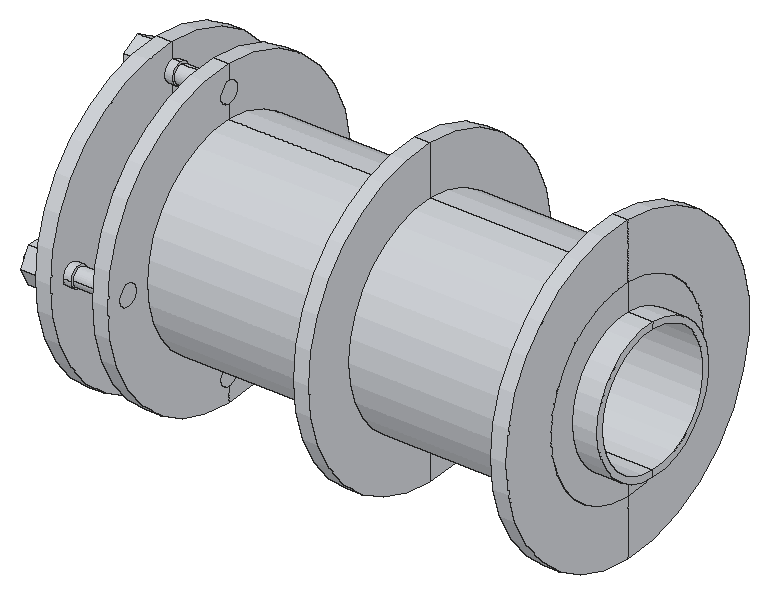
Revit family "柔性防水套管（B型）", category 常规模型, Revit 2016
Family settings
  零件类型 = 标准
  可将钢筋附着到主体 = 否
  圆形连接件大小 = 使用直径
  基于工作平面 = 否
  总是垂直 = 是
  加载时剪切的空心 = 否
  共享 = 否
  房间计算点 = 否
Parameters (values of type "密封圈Ⅰ型")
  钢管左边长 [instance] = 235 mm
  钢管右边长 [instance] = 182 mm
  钢管厚 [instance] = 5 mm
  钢管 = none
  Description = ""
  螺母 = none
  螺栓数量 [instance] = 4
  螺柱半径 [instance] = 8 mm
  螺柱 = none
  Type Comments = ""
  法兰套管厚 [instance] = 5 mm
  法兰套管厚+5 [instance] = 法兰套管厚 + 4.5 mm  # 9.5 mm
  法兰套管 = none
  法兰压盖长 [instance] = L1 - 11 mm  # 65 mm
  法兰压盖 = none
  柔性填缝材料 = none
  密封膏嵌缝 = none
  密封圈Ⅱ型 [instance] = no
  密封圈Ⅰ型 [instance] = yes
  密封圈 Ⅱ型 = none
  密封圈 Ⅰ型 = none
  墙厚 [instance] = 300 mm
  δ3 [instance] = 10 mm
  URL = ""
  L2 [instance] = 38 mm
  L1 [instance] = 76 mm
  L0 [instance] = 42 mm
  D5 [instance] = 240 mm
  D4-1/2 [instance] = D4 / 2  # 100 mm
  D4 [instance] = 200 mm
  D3 [instance] = 120 mm
  D2 [instance] = 162 mm
  D1 [instance] = 110 mm
  1/4L0 [instance] = L0 / 4  # 10.5 mm
  1/2L0 [instance] = L0 / 2  # 21 mm
Types (3, lengths in mm): name | 密封圈Ⅱ型 | 密封圈Ⅰ型
  (no name) | no | yes
  密封圈Ⅱ型 | yes | no
  密封圈Ⅰ型 | no | yes
Reference planes
  plane 1 "中心(前/后)": y = 0
  plane 2: z = 0
  plane 3 "中心(左/右)": x = 0
  plane 4: x = -150
  plane 5: x = 150
  plane 6: z = 81
  plane 7: z = -81
  plane 8: z = 55
  plane 9: z = -55
  plane 10: z = 120
  plane 11: z = -120
  plane 12: x = -145
  plane 13: x = -103
  plane 14: x = -124
  plane 15: x = -124
  plane 16: x = -103
  plane 17: x = -145
  plane 18: x = -124
  plane 19: x = -145
  plane 20: x = -103
  plane 21: x = -124
  plane 22: x = -145
  plane 23: x = -103
  plane 24: z = -60
  plane 25: z = 60
  plane 26: z = 60
  plane 27: z = -60
  plane 28: z = -70
  plane 29: z = 100
  plane 30: z = -100
  plane 31: x = -153
  plane 32: x = -229
  plane 33: x = -191
Forms (mm)
  Revolve 1, solid, material <- "法兰套管"
    sketch origin (0, 0, 0) x (1, 0, 0) y (0, 0, 1)
      loop
        line (-160, -76) -> (-160, -81) -> (-6, -81) -> (-6, -120) -> (6, -120) -> (6, -81) -> (155, -81) -> (155, -76) -> (122, -76) -> (122, -55) -> (112, -55) -> (112, -76) -> (-93, -76) -> (-93, -55) -> (-103, -55) -> (-103, -76) -> (-160, -76)
      axis (-160, 0) -> (155, 0)
    angle from 0 to 360
  Revolve 2, solid, material <- "钢管"
    sketch origin (0, 0, 0) x (1, 0, 0) y (0, 0, 1)
      loop
        line (182, -55) -> (182, -50) -> (-235, -50) -> (-235, -55) -> (182, -55)
      axis (-235, 0) -> (182, 0)
    angle from 0 to 360
  Revolve 3, solid, material <- "法兰压盖"
    sketch origin (0, 0, 0) x (1, 0, 0) y (0, 0, 1)
      loop
        line (-145, -70) -> (-145, -60) -> (-210, -60) -> (-210, -70) -> (-145, -70)
      axis (-210, 0) -> (-145, 0)
    angle from 0 to 360
  Revolve 4, solid, material <- "法兰套管"
    sketch origin (0, 0, 0) x (1, 0, 0) y (0, 0, 1)
      loop
        line (150, -81) -> (150, -120) -> (162, -120) -> (162, -76) -> (155, -76) -> (155, -81) -> (150, -81)
      axis (150, 0) -> (162, 0)
    angle from 0 to 360
  Revolve 5, solid, material <- "密封圈 Ⅰ型", visible <- "密封圈Ⅰ型"
    sketch origin (0, 0, 0) x (1, 0, 0) y (0, 0, 1)
      loop
        circle (-134.5, -64.766) r 10.5
      axis (-145, 0) -> (-124, 0)
    angle from 0 to 360
  Revolve 6, solid, material <- "密封圈 Ⅰ型", visible <- "密封圈Ⅰ型"
    sketch origin (0, 0, 0) x (1, 0, 0) y (0, 0, 1)
      loop
        circle (-113.5, -64.766) r 10.5
      axis (-124, 0) -> (-103, 0)
    angle from 0 to 360
  Revolve 7, solid, material <- "密封圈 Ⅱ型", visible <- "密封圈Ⅱ型"
    sketch origin (0, 0, 0) x (1, 0, 0) y (0, 0, 1)
      loop
        line (-145, -69.995) -> (-145, -76) -> (-103, -76) -> (-103, -71.372) -> (-131.456, -55) -> (-140.424, -55) -> (-140.424, -59.274) -> (-145, -69.995)
      axis (-145, 0) -> (-103, 0)
    angle from 0 to 360
  Revolve 8, solid, material <- "法兰套管"
    sketch origin (0, 0, 0) x (1, 0, 0) y (0, 0, 1)
      loop
        line (-103, -71.5) -> (-103, -55) -> (-131.456, -55) -> (-103, -71.5)
      axis (-131.456, 0) -> (-103, 0)
    angle from 0 to 360
  Revolve 9, solid, material <- "法兰套管"
    sketch origin (0, 0, 0) x (1, 0, 0) y (0, 0, 1)
      loop
        line (-165, -70) -> (-165, -120) -> (-153, -120) -> (-153, -81) -> (-160, -81) -> (-160, -70) -> (-165, -70)
      loop
        line (-198, -70) -> (-210, -70) -> (-210, -120) -> (-198, -120) -> (-198, -70)
      axis (-210, 0) -> (-153, 0)
    angle from 0 to 360
  Revolve 10, solid, material <- "密封膏嵌缝"
    sketch origin (0, 0, 0) x (1, 0, 0) y (0, 0, 1)
      loop
        line (142, -55) -> (142, -76) -> (162, -76) -> (162, -55) -> (142, -55)
      axis (142, 0) -> (162, 0)
    angle from 0 to 360
  Revolve 11, solid, material <- "柔性填缝材料"
    sketch origin (0, 0, 0) x (1, 0, 0) y (0, 0, 1)
      loop
        line (122, -55) -> (122, -76) -> (142, -76) -> (142, -55) -> (122, -55)
      axis (122, 0) -> (142, 0)
    angle from 0 to 360
Dimensions and locks
  equal spacing: plane 5, plane 3 "中心(左/右)", plane 4
  "墙厚": plane 5 to plane 4
  plane 4 to Revolve 1 sketch curve = 10 mm
  locked: plane 5 to Revolve 1 sketch curve at 5
  equal spacing: plane 6, level, plane 7
  "D2": plane 6 to plane 7
  "法兰套管厚": Revolve 1 sketch curve to Revolve 1 sketch curve
  equal spacing: plane 8, level, plane 9
  "D1": plane 8 to plane 9
  "钢管厚": Revolve 2 sketch curve to Revolve 2 sketch curve
  "钢管右边长": Revolve 2 sketch curve to plane 3 "中心(左/右)"
  "钢管左边长": plane 3 "中心(左/右)" to Revolve 2 sketch curve
  locked: Revolve 3 sketch curve to plane 4 at 5
  "法兰压盖长": Revolve 3 sketch curve to Revolve 3 sketch curve
  equal spacing: plane 10, level, plane 11
  "D5": plane 10 to plane 11
  locked: plane 14 to plane 4 at 26
  equal spacing: plane 12, plane 14, plane 13
  "L0": plane 12 to plane 13
  "1/4L0": plane 14 to Revolve 5 sketch curve
  locked: plane 15 to plane 4 at 26
  equal spacing: plane 16, plane 15, plane 17
  "L0": plane 16 to plane 17
  "1/4L0": Revolve 6 sketch curve to plane 15
  equal spacing: plane 19, plane 18, plane 20
  "L0": plane 19 to plane 20
  "法兰套管厚": Revolve 7 sketch curve to plane 7
  locked: Revolve 7 sketch curve to Revolve 7 sketch curve at 8.968
  equal spacing: plane 22, plane 21, plane 23
  "L0": plane 23 to plane 22
  locked: Revolve 7 sketch curve to Revolve 7 sketch curve at 4.628
  "法兰套管厚+5": Revolve 8 sketch curve to plane 7
  equal spacing: plane 25, Revolve 3 sketch curve, plane 24
  "D3": plane 25 to plane 24
  "δ3": Revolve 3 sketch curve to Revolve 3 sketch curve
  locked: Revolve 9 sketch curve to Revolve 9 sketch curve at 5
  equal spacing: plane 26, level, plane 27
  "D3": plane 26 to plane 27
  "δ3": plane 27 to plane 28
  equal spacing: plane 29, level, plane 30
  "D4": plane 29 to plane 30
  locked: plane 4 to plane 31 at 3
  "L1": plane 31 to plane 32
  "L2": plane 33 to plane 32
  locked: Revolve 9 sketch curve to Revolve 9 sketch curve at 12
  "法兰套管厚": Revolve 10 sketch curve to plane 7
  locked: Revolve 10 sketch curve to Revolve 10 sketch curve at 20
  "法兰套管厚": Revolve 4 sketch curve to plane 7
  locked: Revolve 4 sketch curve to Revolve 4 sketch curve at 12
  "法兰套管厚": Revolve 11 sketch curve to plane 7
  locked: Revolve 11 sketch curve to Revolve 11 sketch curve at 20
  "1/4L0": radius of Revolve 5 sketch curve
  "1/4L0": radius of Revolve 6 sketch curve
  aligned and locked: level to plane 2
  aligned and locked: Revolve 1 sketch curve to level
  aligned and locked: Revolve 1 sketch curve to plane 7
  aligned and locked: plane 9 to Revolve 2 sketch curve
  aligned and locked: Revolve 2 sketch curve to level
  aligned and locked: Revolve 1 sketch curve to plane 11
  aligned and locked: plane 7 to Revolve 4 sketch curve
  aligned and locked: plane 5 to Revolve 4 sketch curve
  aligned and locked: Revolve 4 sketch curve to level
  aligned and locked: plane 9 to Revolve 1 sketch curve
  aligned and locked: Revolve 5 sketch curve to level
  aligned and locked: Revolve 6 sketch curve to level
  aligned and locked: plane 9 to Revolve 7 sketch curve
  aligned and locked: Revolve 7 sketch curve to plane 19
  aligned and locked: Revolve 7 sketch curve to plane 20
  aligned and locked: Revolve 7 sketch curve to level
  aligned and locked: Revolve 8 sketch curve to plane 23
  aligned and locked: Revolve 8 sketch curve to level
  aligned and locked: Revolve 7 to Revolve 8 sketch curve
  aligned and locked: Revolve 3 sketch curve to plane 24
  aligned and locked: plane 11 to Revolve 9 sketch curve  (x2)
  aligned and locked: Revolve 9 sketch curve to level
  aligned and locked: Revolve 9 sketch curve to plane 28  (x2)
  aligned and locked: Revolve 9 sketch curve to Revolve 3
  aligned and locked: plane 31 to Revolve 9 sketch curve
  aligned and locked: nested 1 to plane 1 "中心(前/后)"
  aligned and locked: level to nested 1
  aligned and locked: Revolve 10 sketch curve to plane 9
  aligned and locked: Revolve 10 sketch curve to Revolve 4
  aligned and locked: Revolve 10 sketch curve to level
  aligned and locked: Revolve 4 sketch curve to Revolve 1
  aligned and locked: Revolve 4 to Revolve 10
  aligned and locked: Revolve 11 sketch curve to plane 9
  aligned and locked: Revolve 11 sketch curve to Revolve 10
  aligned and locked: Revolve 11 sketch curve to level
  aligned and locked: Revolve 1 sketch curve to Revolve 1 sketch curve  (x2)
Automatic sketch dimensions
  Revolve 9 sketch curve to Revolve 9 sketch curve = 1186.99 mm
  Revolve 9 sketch curve to plane 5 = 1748.983 mm
  Revolve 9 sketch curve to plane 7 = 0 mm
  Revolve 9 sketch curve to Revolve 9 sketch curve = 12 mm
  Revolve 1 sketch curve to plane 7 = 0 mm
  Revolve 1 sketch curve to plane 9 = 0 mm
  plane 4 to Revolve 1 sketch curve = 47 mm
  Revolve 1 sketch curve to Revolve 1 sketch curve = 10 mm  (x2)
  Revolve 1 sketch curve to plane 3 "中心(左/右)" = 6 mm
  plane 3 "中心(左/右)" to Revolve 1 sketch curve = 6 mm
  plane 5 to Revolve 1 sketch curve = 38 mm
  Revolve 1 sketch curve to plane 32 = 1115.786 mm
  Revolve 1 sketch curve to Revolve 1 sketch curve = 1735.779 mm
  Revolve 2 sketch curve to Revolve 2 sketch curve = 1092.99 mm
  Revolve 2 sketch curve to Revolve 2 sketch curve = 1769.983 mm
  Revolve 3 sketch curve to plane 32 = 1123.99 mm
  Revolve 3 sketch curve to plane 5 = 1748.983 mm
  Revolve 4 sketch curve to plane 11 = 0 mm
  Revolve 4 sketch curve to plane 32 = 1122.99 mm
  Revolve 4 sketch curve to Revolve 4 sketch curve = 1736.983 mm
  plane 27 to Revolve 5 sketch curve = 4.766 mm
  Revolve 5 sketch curve to plane 32 = 1123.99 mm
  Revolve 5 sketch curve to plane 5 = 1748.983 mm
  plane 27 to Revolve 6 sketch curve = 4.766 mm
  Revolve 6 sketch curve to plane 32 = 1123.99 mm
  Revolve 6 sketch curve to plane 5 = 1748.983 mm
  Revolve 7 sketch curve to plane 27 = 0.726 mm
  plane 19 to Revolve 7 sketch curve = 4.576 mm
  plane 28 to Revolve 7 sketch curve = 0.005 mm
  Revolve 7 sketch curve to plane 32 = 1123.99 mm
  Revolve 7 sketch curve to plane 5 = 1748.983 mm
  Revolve 8 sketch curve to plane 9 = 0 mm
  Revolve 8 sketch curve to plane 32 = 1123.99 mm
  Revolve 8 sketch curve to plane 5 = 1748.983 mm
  Revolve 10 sketch curve to plane 32 = 1122.99 mm
  Revolve 10 sketch curve to Revolve 10 sketch curve = 1736.983 mm
  Revolve 11 sketch curve to plane 32 = 1122.99 mm
  Revolve 11 sketch curve to plane 5 = 1748.983 mm
Nested families
  nested 1: "族3" at (-165, 0, 0) x (0, 1, 0) z (-1, 0, 0), L2 <- "L2", L1 <- "L1", 螺柱半径 <- "螺柱半径", 螺栓个数 <- "螺栓数量", type "族3"
    with 螺栓个数 4, 螺柱半径 8 mm, L2 38 mm, L1 76 mm, 31 100 mm
Definition of nested family "族3"
  Parameters
    Default Elevation = 1219.2 mm
    螺母 = none
    螺栓个数 [instance] = 3
    螺柱半径 [instance] = 8 mm
    螺柱 = none
    L2 [instance] = 38 mm
    L1 [instance] = 76 mm
    31 = 200 mm
  Reference planes
    plane 1 "中心(前/后)": y = 0
    plane 2: z = 0
    plane 3 "中心(左/右)": x = 0
  Forms (mm)
    Extrusion 1, solid
      sketch origin (0, 0, 0) x (1, 0, 0) y (0, 1, 0)
        loop
          line (-1219.2, 1219.2) -> (-1219.2, -1219.2) -> (1219.2, -1219.2) -> (1219.2, 1219.2) -> (-1219.2, 1219.2)
      from 0 to -304.8
  Dimensions and locks
    "31": radius of radial array
    aligned and locked: plane 2 to Extrusion 1
    aligned and locked: level to Extrusion 1
  Automatic sketch dimensions
    Extrusion 1 sketch curve to Extrusion 1 sketch curve = 2438.4 mm  (x2)
  Nested families
    nested 1: "族2" at (0, -200, 0) x (0, 1, 0) z (0, 0, 1), 螺柱半径 <- "螺柱半径", L2 <- "L2", L1 <- "L1", type "族2"
      with 螺母宽度 28 mm, 螺柱半径 8 mm, L2 38 mm, L1 76 mm, 1/2 7 mm
    nested 2: "族2" at (173.205, 100, 0) x (-0.866, -0.5, 0) z (0, 0, 1), 螺柱半径 <- "螺柱半径", L2 <- "L2", L1 <- "L1", type "族2"
      with 螺母宽度 28 mm, 螺柱半径 8 mm, L2 38 mm, L1 76 mm, 1/2 7 mm
    nested 3: "族2" at (-173.205, 100, 0) x (0.866, -0.5, 0) z (0, 0, 1), 螺柱半径 <- "螺柱半径", L2 <- "L2", L1 <- "L1", type "族2"
      with 螺母宽度 28 mm, 螺柱半径 8 mm, L2 38 mm, L1 76 mm, 1/2 7 mm
  Definition of nested family "族2"
    Parameters
      Default Elevation = 1219.2 mm
      螺母宽度 [instance] = 螺柱半径 + 20 mm  # 28 mm
      螺母 = none
      螺柱半径 [instance] = 8 mm
      螺柱 = none
      L2 [instance] = 37 mm
      L1 [instance] = 75 mm
      1/2 [instance] = 螺柱半径 - 1 mm  # 7 mm
    Reference planes
      plane 1 "中心(前/后)": y = 0
      plane 2: z = 0
      plane 3 "中心(左/右)": x = 0
      plane 4: z = -12
      plane 5: z = 63
      plane 6: z = 26
    Forms (mm)
      Extrusion 1, solid
        sketch origin (0, 0, 0) x (1, 0, 0) y (0, 1, 0)
          loop
            line (-1219.2, 1219.2) -> (-1219.2, -1219.2) -> (1219.2, -1219.2) -> (1219.2, 1219.2) -> (-1219.2, 1219.2)
        from 0 to -304.8
      Extrusion 2, solid, material <- "螺柱"
        sketch origin (0, 0, 44) x (1, 0, 0) y (0, 1, 0)
          loop
            circle (0, 0) r 8
        from 19 to -56
      Extrusion 3, solid, material <- "螺母"
        sketch origin (0, 0, 44) x (1, 0, 0) y (0, 1, 0)
          loop
            line (16.166, 0) -> (8.083, 14) -> (-8.083, 14) -> (-16.166, 0) -> (-8.083, -14) -> (8.083, -14) -> (16.166, 0)
        from 0 to 15
      Extrusion 4, void
        sketch origin (0, 0, 44) x (1, 0, 0) y (0, 1, 0)
          loop
            circle (0, 0) r 7
          loop
            line (8.083, 14) -> (-8.083, 14) -> (-16.166, 0) -> (-8.083, -14) -> (8.083, -14) -> (16.166, 0) -> (8.083, 14)
        from -44 to -18
    Cuts and joins
      Extrusion 4 cuts Extrusion 2
    Dimensions and locks
      "螺母宽度": Extrusion 3 sketch curve to Extrusion 3 sketch curve  (x3)
      Extrusion 3 sketch curve to Extrusion 3 sketch curve = 28 mm
      "L1": plane 5 to plane 4
      locked: Extrusion 3 to Extrusion 3 at 15
      locked: plane 5 to Extrusion 3 at 4
      locked: Extrusion 1 to plane 4 at 12
      "L2": plane 5 to plane 6
      "螺柱半径": radius of Extrusion 2 sketch curve
      "1/2": radius of Extrusion 4 sketch curve
      locked: Extrusion 3 sketch curve to Extrusion 3 sketch curve (angle 120.00°)  (x5)
      aligned and locked: plane 2 to Extrusion 1
      aligned and locked: level to Extrusion 1
      aligned and locked: Extrusion 2 to plane 4
      aligned and locked: Extrusion 2 to plane 5
      aligned and locked: Extrusion 4 sketch curve to Extrusion 3  (x6)
      aligned and locked: Extrusion 4 to plane 6
    Automatic sketch dimensions
      Extrusion 1 sketch curve to Extrusion 1 sketch curve = 2438.4 mm  (x2)
      plane 1 "中心(前/后)" to Extrusion 2 sketch curve = 0 mm
      Extrusion 2 sketch curve to plane 3 "中心(左/右)" = 0 mm
      plane 1 "中心(前/后)" to Extrusion 3 sketch curve = 0 mm
      Extrusion 3 sketch curve to plane 3 "中心(左/右)" = 16.166 mm
      Extrusion 3 sketch curve to plane 3 "中心(左/右)" = 8.083 mm
      Extrusion 4 sketch curve to Extrusion 4 sketch curve = 0 mm  (x2)
      plane 1 "中心(前/后)" to Extrusion 4 sketch curve = 0 mm
      Extrusion 4 sketch curve to plane 3 "中心(左/右)" = 0 mm
